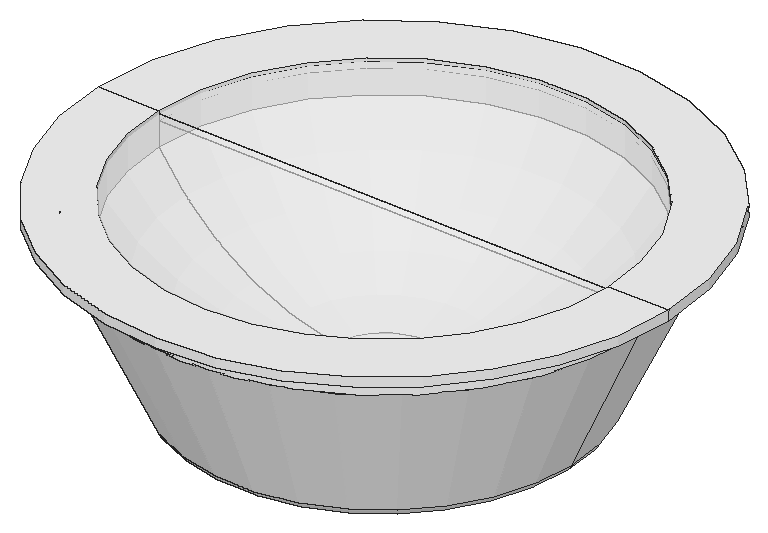
Revit family "0030439", category Lighting Fixtures, host Face, Revit 2017
Family settings
  Host = Face
  Round Connector Dimension = Use Diameter
  Part Type = Normal
  OmniClass Number = 23.80.70.00
  OmniClass Title = Lighting
  Cut with Voids When Loaded = No
  Light Source = Yes
  Shared = No
  Room Calculation Point = No
Parameters (values of type "0030439 INSAVER SLIM UGR19 175 IP44 1300LM 940")
  WidthBezel_SYL = if(Size1_SYL, 20 mm, if(Size2_SYL, 20 mm, if(Size3PIR_SYL, 30 mm, if(Size4_SYL, 20 mm, 20 mm))))  # 20 mm
  Weight = "8.8 kg"
  Wattage Comments = ""
  Wattage = 13 W
  WarrantyStartDate [instance] = "n/a"
  WarrantyGuarantorParts = "n/a"
  WarrantyDurationUnit = "n/a"
  WarrantyDurationParts = "n/a"
  WarrantyDescription = "n/a"
  built-in parameter 1150110 = 1 (stored number, unit not read)
  Voltage = 0 V
  VisibilityPIR_SYL = Size3PIR_SYL  # no
  URL = "http://www.sylvania-lighting.com"
  TypeName = "Insaver Slim UGR19 175 IP44 1300lm 940"
  Type Image = <None>
  Type Comments = "n/a"
  built-in parameter 1114217 = 1 (stored number, unit not read)
  Tilt Angle = -90.00°
  built-in parameter 1150109 = 1 (stored number, unit not read)
  built-in parameter 1150134 = 12
  built-in parameter 1150113 = 1 (stored number, unit not read)
  Size4_SYL = no
  Size3PIR_SYL = no
  Size2_SYL = yes
  Size1_SYL = no
  SerialNumber [instance] = "n/a"
  RadiusTop_SYL = 6 mm
  RadiusReflector_SYL = if(Size1_SYL, 85 mm, if(Size2_SYL, 85 mm, if(Size3PIR_SYL, 85 mm, if(Size4_SYL, 100 mm, 120 mm))))  # 85 mm
  Photometric Web File = "0030439.ies"
  Material_3_FEILO = Top-Sylvania-STARTDownlight
  PowerFactor = 0.9
  PowerConsumption = "13 W"
  NominalLength = 195 mm
  NominalHeight = 60 mm
  NominalDepth = 195 mm
  Name = "Insaver Slim UGR19 175 IP44 1300lm 940"
  ModelReference = Name  # "Insaver Slim UGR19 175 IP44 1300lm 940"
  ModelNumber = "0030439"
  Model = Name  # "Insaver Slim UGR19 175 IP44 1300lm 940"
  Material = "aluminium housing"
  ManufacturerName = "Feilo Sylvania"
  Manufacturer = "Feilo Sylvania"
  LuminousEfficacy = "100 lm/W"
  built-in parameter 1150105 = 1122.9 (stored number, unit not read)
  Lumens = 1300 lm
  LuminaireType = ""
  built-in parameter 1150115 = 1 (stored number, unit not read)
  LightOutputRatio = "n/a"
  built-in parameter 1150137 = (empty or 0)
  built-in parameter 1150139 = (empty or 0)
  LampsType = Lamp  # "LED"
  LampNominalLuminous = "1300 lm"
  LampMacAdamStep = "3"
  LampColourTemperature = "4000 K"
  LampColourRenderingIndex = "90"
  built-in parameter 1150112 = 1 (stored number, unit not read)
  built-in parameter 1150114 = 1 (stored number, unit not read)
  Lamp = "LED"
  Keynote = "16500"
  InstallationDate [instance] = "n/a"
  InputVoltage = "n/a"
  InputNominalFrequency = "n/a"
  built-in parameter 1150132 = (empty or 0)
  built-in parameter 1150102 = (empty or 0)
  built-in parameter 1150107 = 4000 (stored number, unit not read)
  built-in parameter 1150138 = (empty or 0)
  IngressProtection = "IP44/20"
  ImpactProtectionIndex = "IK07"
  built-in parameter 1150106 = 11.229 (stored number, unit not read)
  IfcExportType = "IfcLightFixtureType"
  IfcExportAs = "IfcLightFixtureType"
  Height_SYL = if(Size1_SYL, 61 mm, if(Size2_SYL, 61 mm, if(Size3PIR_SYL, 61 mm, if(Size4_SYL, 61 mm, 60 mm))))  # 61 mm
  HeightBezel_SYL = if(Size1_SYL, 3 mm, if(Size2_SYL, 3 mm, if(Size3PIR_SYL, 3 mm, if(Size4_SYL, 3.2 mm, 3 mm))))  # 3 mm
  ExpectedLife = 50000
  Emit from Circle Diameter = Diameter_SYL - 40 mm  # 150 mm
  Emit Shape Visible in Rendering = no
  ElectricShockClassification = "Class II"
  built-in parameter 1150104 = 9.2903 (stored number, unit not read)
  DurationUnit = "hours"
  DocumentationLiterature = "http://www.sylvania-lighting.com/product/en-int/products/0030439"
  DimmingControlOptions = "n/a"
  Material_2_FEILO = Diffuser-Sylvania-STARTDownlight
  Dimming Lamp Color Temperature Shift = <None>
  Diameter_SYL = if(Size1_SYL, 165 mm, if(Size2_SYL, 190 mm, if(Size3PIR_SYL, 211 mm, if(Size4_SYL, 220 mm, 240 mm))))  # 190 mm
  DiameterTop_SYL = if(Size1_SYL, 98 mm, if(Size2_SYL, 122 mm, if(Size3PIR_SYL, 120 mm, if(Size4_SYL, 135 mm, 158 mm))))  # 122 mm
  DiameterTopBase_SYL = DiameterRecess_SYL  # 170 mm
  DiameterRecess_SYL = if(Size1_SYL, 150 mm, if(Size2_SYL, 170 mm, if(Size3PIR_SYL, 186 mm, if(Size4_SYL, 200 mm, 225 mm))))  # 170 mm
  Description = ""
  Default Elevation = 1219.2 mm
  CreatedOn = "11/19/2020"
  CreatedBy = "@sylvania-lighting.com"
  Cost = 0
  Color Filter = 16777215
  built-in parameter 1114216 [instance] = (empty or 0)
  ClassificationValue = "EF_70_80"
  ClassificationName = "Uniclass2015"
  Material_1_FEILO = Trim-Sylvania-STARTDownlight-White
  BarCode [instance] = "n/a"
  built-in parameter 1114218 = 1 (stored number, unit not read)
  built-in parameter 1150133 = 10 (stored number, unit not read)
  AssetType = "Fixed"
  AssetIdentifier [instance] = "n/a"
  Assembly Code = "D5020200"
  Apparent Load = 13 VA
  Material_4_FEILO = LED-Sylvania-STARTDownlight
Reference planes
  plane 1 "Center (Front/Back)": y = 0
  plane 2: z = 0
  plane 3 "Center (Left/Right)": x = 0
  plane 4: x = 95
  plane 5: x = -95
  plane 6: z = 3
  plane 7: z = -8
  plane 8: z = -58
  plane 9: x = -85
  plane 10: x = 85
  plane 11: x = -61
  plane 12: x = 61
  plane 13: z = -85
  plane 14: x = -75
  plane 15: z = 2
  plane 16: z = -46
  plane 17: x = -16
  plane 18: x = -80
  plane 19: x = -81.5
  plane 20: x = -99.5
  plane 21: x = -89
  plane 22: z = 5.5
  plane 23: z = 8.7
  plane 24: x = -88
  plane 25: z = 13.7
Forms (mm)
  Revolve 1, void
    sketch origin (0, 0, 0) x (1, 0, 0) y (0, 0, 1)
      loop
        line (0, 0) -> (-85, 0) -> (-85, -85) -> (0, -85) -> (0, 0)
      axis (0, 0) -> (0, -85)
    angle from 360 to 0
  Revolve 2, solid, material "Trim-Sylvania-STARTDownlight-White" <- "Material_1_FEILO"
    sketch origin (0, 0, 0) x (1, 0, 0) y (0, 0, 1)
      loop
        line (-75, 3) -> (-95, 3) -> (-95, 0) -> (-85, 0) -> (-85, -8) -> (-62.681, -54.768)
        arc (-62.681, -54.768) -> (-60.471, -57.129) -> (-57.357, -58) r 6
        line (-57.357, -58) -> (0, -58) -> (0, -46) -> (-16, -46)
        arc (-16, -46) -> (-49.605, -33.373) -> (-75, -8) r 85
        line (-75, -8) -> (-75, 3)
      axis (0, 3) -> (0, -58)
    angle from 360 to 0
  Revolve 3, solid, material "Diffuser-Sylvania-STARTDownlight" <- "Material_2_FEILO"
    sketch origin (0, 0, 0) x (1, 0, 0) y (0, 0, 1)
      loop
        line (-75, 0) -> (0, 0) -> (0, 2) -> (-75, 2) -> (-75, 0)
      axis (0, 2) -> (0, 0)
    angle from 360 to 0
  Revolve 4, solid, material "Trim-Sylvania-STARTDownlight-White" <- "Material_1_FEILO", visible <- "VisibilityPIR_SYL"
    sketch origin (0, 0, 0) x (1, 0, 0) y (0, 0, 1)
      loop
        line (-80, 3) -> (-80, 13.7)
        arc (-80, 13.7) -> (-84.717, 12.347) -> (-88, 8.7) r 8.9
        line (-88, 8.7) -> (-88, 5.5) -> (-89, 5.5) -> (-89, 3) -> (-80, 3)
      axis (-80, 13.7) -> (-80, 3)
    angle from 360 to 0
Dimensions and locks
  equal spacing: plane 4, plane 3 "Center (Left/Right)", plane 5
  "Diameter_SYL": plane 4 to plane 5
  equal spacing: plane 10, plane 3 "Center (Left/Right)", plane 9
  equal spacing: plane 12, plane 3 "Center (Left/Right)", plane 11
  "DiameterTop_SYL": plane 12 to plane 11
  "HeightBezel_SYL": plane 6 to plane 2
  "Height_SYL": plane 6 to plane 8
  locked: plane 2 to plane 7 at 8
  locked: plane 2 to plane 13 at 85
  "WidthBezel_SYL": plane 14 to plane 5
  locked: plane 6 to plane 15 at 1
  "DiameterRecess_SYL": plane 10 to plane 9
  locked: plane 3 "Center (Left/Right)" to plane 17 at 16
  locked: plane 16 to plane 8 at 12
  locked: plane 18 to plane 21 at 9
  locked: plane 22 to plane 6 at 2.5
  locked: plane 23 to plane 22 at 3.2
  locked: plane 18 to plane 24 at 8
  locked: plane 25 to plane 23 at 5
  locked: plane 25 to Revolve 4 sketch curve at 8.9
  locked: plane 18 to plane 5 at 15
  "RadiusReflector_SYL": radius of Revolve 2 sketch curve
  "RadiusTop_SYL": radius of Revolve 2 sketch curve
  aligned and locked: plane 2 to host face
  aligned and locked: level to host face
  aligned and locked: Revolve 1 sketch curve to plane 3 "Center (Left/Right)"
  aligned and locked: plane 3 "Center (Left/Right)" to Revolve 1 sketch curve
  aligned and locked: Revolve 1 sketch curve to plane 9
  aligned and locked: plane 13 to Revolve 1 sketch curve
  aligned and locked: plane 3 "Center (Left/Right)" to imposter light
  aligned and locked: imposter light to plane 15
  aligned and locked: imposter light to plane 1 "Center (Front/Back)"
  aligned and locked: Revolve 2 sketch curve to plane 3 "Center (Left/Right)"
  aligned and locked: Revolve 2 sketch curve to plane 6
  aligned and locked: Revolve 2 sketch curve to plane 5
  aligned and locked: Revolve 2 sketch curve to level
  aligned and locked: plane 7 to Revolve 2 sketch curve  (x2)
  aligned and locked: Revolve 2 sketch curve to plane 9
  aligned and locked: plane 8 to Revolve 2 sketch curve
  aligned and locked: Revolve 2 sketch curve to plane 14
  aligned and locked: plane 3 "Center (Left/Right)" to Revolve 2 sketch curve
  aligned and locked: Revolve 2 sketch curve to plane 16
  aligned and locked: Revolve 3 sketch curve to plane 3 "Center (Left/Right)"
  aligned and locked: Revolve 3 sketch curve to level
  aligned and locked: imposter light to Revolve 3 sketch curve  (x2)
  aligned and locked: Revolve 4 sketch curve to plane 18  (x2)
  aligned and locked: Revolve 4 sketch curve to plane 6
  aligned and locked: plane 22 to Revolve 4 sketch curve
  aligned and locked: plane 24 to Revolve 4 sketch curve
  aligned and locked: Revolve 4 sketch curve to Revolve 4 sketch curve
  aligned and locked: plane 21 to Revolve 4 sketch curve
Automatic sketch dimensions
  host sketch curve to host sketch curve = 2438.4 mm  (x2)
  plane 13 to Revolve 1 sketch curve = 524.6 mm
  Revolve 1 sketch curve to plane 6 = 2606.058 mm
  Revolve 1 sketch curve to level = 0 mm
  Revolve 2 sketch curve to plane 17 = 0 mm
  Revolve 2 sketch curve to plane 11 = 1.681 mm
  plane 11 to Revolve 2 sketch curve = 3.643 mm
  plane 13 to Revolve 2 sketch curve = 524.6 mm
  Revolve 2 sketch curve to Revolve 2 sketch curve = 2577.983 mm
  Revolve 3 sketch curve to plane 14 = 0 mm
  plane 13 to Revolve 3 sketch curve = 524.6 mm
  Revolve 3 sketch curve to plane 6 = 2606.058 mm
  Revolve 4 sketch curve to plane 23 = 0 mm
  plane 13 to Revolve 4 sketch curve = 524.6 mm
  Revolve 4 sketch curve to Revolve 4 sketch curve = 2595.358 mm
Connectors
  electrical at (0, 0, 0), driven by "Apparent Load", driven by "PowerFactor", driven by "Voltage"
    settings: index 1, voltage 0 V, apparent load 13 VA, apparent load phase1 0 VA, apparent load phase2 0 VA, apparent load phase3 0 VA, power factor 0.9, load classification "Lighting", number of poles 1, system type 30, power factor state 1, is connector primary yes, connector utility no, sub classification motor no, connector description ""
